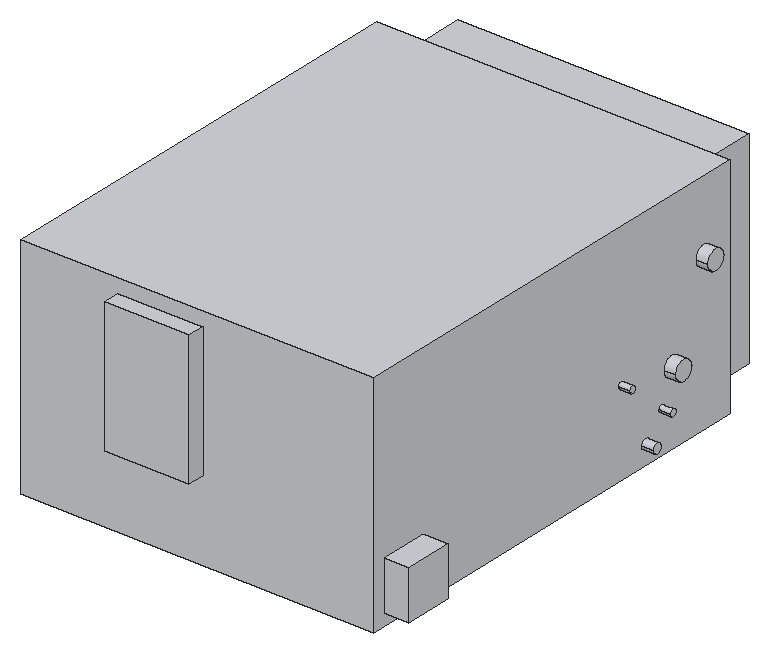
Revit family "M_Unidade de serpentina de ventilador - Horizontal - Correia - DX", category Equipamento mecânico, Revit 2019
Family settings
  Cota do conector redondo = Usar raio
  Tipo de parte = Normal
  Número OmniClass = 23.75.70.17.27
  Título OmniClass = Fan Coil Units
  ID de item do Seek = Fan Coil Unit - Horizontal - Belt Drive - DX-0000-CAN-ENU
  Com base no plano de trabalho = Não
  Sempre na vertical = Sim
  Corte com vazios quando carregada = Não
  Compartilhado = Não
  Ponto de cálculo do ambiente = Não
Parameters (values of type "282 LPS")
  Voltagem = 120 V
  Largura da unidade = 919.2 mm
  Comprimento da unidade = 728.7 mm
  Altura da unidade = 469.9 mm
  Capacidade de resfriamento total = 5714.89 W
  Largura do ar de fornecimento = 175 mm
  Altura do ar de fornecimento = 275 mm
  Capacidade de resfriamento perceptível = 4249.53 W
  Largura do ar de retorno = 600 mm
  Altura do ar de retorno = 425 mm
  Raio do retorno refrigerante = 20 mm
  Diâmetro do retorno refrigerante = Raio do retorno refrigerante * 2  # 40 mm
  Número de pólos = 1
  Fluxo de ar nominal [instance] = 283.17 L/s
  Classificação de carga = Refrigeração
  Queda de pressão da água do aquecimento [instance] = 77910.8 Pa
  Fluxo de água do aquecimento [instance] = 0.13 L/s
  Capacidade de aquecimento = 13745 W
  Pressão estática externa [instance] = 74.65 Pa
  Raio do fornecimento refrigerante = 20 mm
  Fluxo refrigerante [instance] = 0.19 L/s
  Diâmetro do fornecimento refrigerante = Raio do fornecimento refrigerante * 2  # 40 mm
  Fluxo da drenagem [instance] = 0.0 L/s
  Material CFU = none
  C6 Deslocamento 2 = 28.6 mm
  C6 Deslocamento 1 = 352.4 mm
  C4 Deslocamento 2 = 177.8 mm
  C4 Deslocamento 1 = 393.7 mm
  C3 Deslocamento 2 = 88.9 mm
  C3 Deslocamento 1 = 177.8 mm
  C2 Deslocamento 2 = 323.9 mm
  C1 Deslocamento 2 = 155.6 mm
  C1 Deslocamento 1 = 150.8 mm
  Carga aparente = 3413 VA
Types (9, lengths in mm): name | Voltagem | Largura da unidade | Comprimento da unidade | Altura da unidade | Capacidade de resfriamento total | Largura do ar de fornecimento | Altura do ar de fornecimento | Capacidade de resfriamento perceptível | Largura do ar de retorno | Altura do ar de retorno | Raio do retorno refrigerante | Diâmetro do retorno refrigerante | Número de pólos | Fluxo de ar nominal | Queda de pressão da água do aquecimento | Fluxo de água do aquecimento | Capacidade de aquecimento | Raio do fornecimento refrigerante | Fluxo refrigerante | Diâmetro do fornecimento refrigerante | C6 Deslocamento 2 | C6 Deslocamento 1 | C4 Deslocamento 2 | C4 Deslocamento 1 | C3 Deslocamento 2 | C3 Deslocamento 1 | C2 Deslocamento 2 | C1 Deslocamento 2 | Carga aparente
  (no name) | 120 V | 919.2 | 728.7 | 469.9 | 5714.89 W | 175 | 275 | 4249.53 W | 600 | 425 | 20 | 40 | 1 | 283.17 L/s | 77910.8 Pa | 0.13 L/s | 13745 W | 20 | 0.19 L/s | 40 | 28.6 | 352.4 | 177.8 | 393.7 | 88.9 | 177.8 | 323.9 | 155.6 | 3413 VA
  282 LPS | 120 V | 919.2 | 728.7 | 469.9 | 5714.89 W | 175 | 275 | 4249.53 W | 600 | 425 | 20 | 40 | 1 | 283.17 L/s | 77910.8 Pa | 0.13 L/s | 13745 W | 20 | 0.19 L/s | 40 | 28.6 | 352.4 | 177.8 | 393.7 | 88.9 | 177.8 | 323.9 | 155.6 | 3413 VA
  376 LPS | 120 V | 919.2 | 728.7 | 469.9 | 7297.47 W | 225 | 275 | 5451.12 W | 600 | 425 | 20 | 40 | 1 | 377.56 L/s | 138584.6 Pa | 0.13 L/s | 13745 W | 20 | 0.25 L/s | 40 | 28.6 | 352.4 | 177.8 | 393.7 | 88.9 | 177.8 | 323.9 | 155.6 | 3413 VA
  470 LPS | 120 V | 958.9 | 941.4 | 514.4 | 10140.3 W | 200 | 300 | 7297.47 W | 850 | 450 | 20 | 40 | 1 | 471.95 L/s | 246832.3 Pa | 0.13 L/s | 13745 W | 20 | 0.32 L/s | 40 | 28.6 | 352.4 | 177.8 | 435 | 130.2 | 177.8 | 365.1 | 196.9 | 3413 VA
  564 LPS | 120 V | 958.9 | 941.4 | 514.4 | 11664.2 W | 250 | 300 | 8469.75 W | 850 | 450 | 20 | 40 | 1 | 566.34 L/s | 355080.0 Pa | 0.19 L/s | 20075.4 W | 20 | 0.38 L/s | 40 | 28.6 | 352.4 | 177.8 | 435 | 130.2 | 177.8 | 365.1 | 196.9 | 5119.5 VA
  752 LPS | 120 V | 963.6 | 1195.4 | 514.4 | 15943.1 W | 350 | 325 | 11459.1 W | 1100 | 450 | 25 | 50 | 1 | 755.12 L/s | 298543.0 Pa | 0.19 L/s | 25702.3 W | 25 | 0.57 L/s | 50 | 28.6 | 427 | 177.8 | 304.8 | 269.9 | 244.5 | 396.9 | 196.9 | 8532.5 VA
  940 LPS | 120 V | 1025.5 | 1220.8 | 577.9 | 20104.7 W | 325 | 350 | 14331.2 W | 1100 | 550 | 25 | 50 | 1 | 943.89 L/s | 499869.9 Pa | 0.25 L/s | 30743.2 W | 25 | 0.69 L/s | 50 | 28.6 | 450.9 | 177.8 | 338.1 | 303.2 | 244.5 | 462 | 198.4 | 11945.5 VA
  1410 LPS | 120 V | 1025.5 | 1220.8 | 787.4 | 30127.7 W | 400 | 350 | 21570 W | 1100 | 750 | 40 | 80 | 1 | 1415.84 L/s | 317158.8 Pa | 0.38 L/s | 43726.2 W | 40 | 1.07 L/s | 80 | 155.6 | 408 | 203.2 | 417.5 | 357.2 | 244.5 | 668.3 | 150.8 | 20478 VA
  1880 LPS | 208 V | 1106.5 | 1576.4 | 787.4 | 43345.2 W | 425 | 400 | 30098.4 W | 1450 | 750 | 40 | 80 | 3 | 1887.79 L/s | 777039.1 Pa | 0.44 L/s | 53456.2 W | 40 | 1.58 L/s | 80 | 130.2 | 579.4 | 203.2 | 417.5 | 357.2 | 244.5 | 668.3 | 150.8 | 20478 VA
Reference planes
  plane 1 "Centro (Frente/Trás)": y = 0
  plane 2: z = 0
  plane 3 "Centro (Esquerda/Direita)": x = 0
  plane 4: x = 728.7
  plane 5: y = 919.2
  plane 6: x = 677.9
  plane 7: x = 77.9
  plane 8: y = 1030.325
  plane 9: y = -34.925
  plane 10: x = 376.3
  plane 11: x = 201.3
  plane 12: z = 469.9
  plane 13: z = 441.3
  plane 14: z = 166.3
  plane 15: x = 781.088
  plane 16: z = 25.4
  plane 17: z = 450.4
  plane 18: y = 700.125
  plane 19: z = 41.275
  plane 20: x = 754.1
  plane 21: y = 768.4
  plane 22: z = 155.6
  plane 23: y = 741.4
  plane 24: z = 88.9
  plane 25: y = 636.625
  plane 26: z = 177.8
  plane 27: y = 850.938
  plane 28: z = 323.9
  plane 29: y = 25.4
  plane 30: z = 127
  plane 31: y = 127
Forms (mm)
  Extrusion 1, solid, material <- "Material CFU"
    sketch origin (0, 0, 0) x (1, 0, 0) y (0, 1, 0)
      loop
        line (0, 919.2) -> (0, 0) -> (728.7, 0) -> (728.7, 919.2) -> (0, 919.2)
    from 0 to 469.9
  Extrusion 2, solid, material <- "Material CFU"
    sketch origin (0, 0, 0) x (1, 0, 0) y (0, 1, 0)
      loop
        line (77.9, 1030.325) -> (77.9, 919.2) -> (677.9, 919.2) -> (677.9, 1030.325) -> (77.9, 1030.325)
    from 25.4 to 450.4
  Extrusion 3, solid, material <- "Material CFU"
    sketch origin (0, 0, 0) x (1, 0, 0) y (0, 1, 0)
      loop
        line (201.3, 0) -> (201.3, -34.925) -> (376.3, -34.925) -> (376.3, 0) -> (201.3, 0)
    from 166.3 to 441.3
  Extrusion 4, solid, material <- "Material CFU"
    sketch origin (0, 0, 0) x (0, 1, 0) y (0, 0, 1)
      loop
        circle (700.125, 41.275) r 9.525
    from 728.7 to 754.1
  Extrusion 5, solid, material <- "Material CFU"
    sketch origin (0, 0, 0) x (0, 1, 0) y (0, 0, 1)
      loop
        circle (768.4, 155.6) r 20
    from 728.7 to 754.1
  Extrusion 6, solid, material <- "Material CFU"
    sketch origin (0, 0, 0) x (0, 1, 0) y (0, 0, 1)
      loop
        circle (741.4, 88.9) r 6.35
    from 728.7 to 754.1
  Extrusion 7, solid, material <- "Material CFU"
    sketch origin (0, 0, 0) x (0, 1, 0) y (0, 0, 1)
      loop
        circle (636.625, 177.8) r 6.35
    from 728.7 to 754.1
  Extrusion 8, solid, material <- "Material CFU"
    sketch origin (0, 0, 0) x (0, 1, 0) y (0, 0, 1)
      loop
        circle (850.938, 323.9) r 20
    from 728.7 to 754.1
  Extrusion 9, solid, material <- "Material CFU"
    sketch origin (0, 0, 0) x (0, 1, 0) y (0, 0, 1)
      loop
        line (25.4, 127) -> (25.4, 25.4) -> (127, 25.4) -> (127, 127) -> (25.4, 127)
    from 728.7 to 781.088
Cuts and joins
  joined: Extrusion 1, Extrusion 2, Extrusion 3, Extrusion 4, Extrusion 5, Extrusion 6, Extrusion 7, Extrusion 8, Extrusion 9
Dimensions and locks
  "Comprimento da unidade": plane 3 "Centro (Esquerda/Direita)" to plane 4
  "Largura da unidade": plane 5 to plane 1 "Centro (Frente/Trás)"
  locked: plane 6 to plane 4 at 50.8
  "Largura do ar de retorno": plane 7 to plane 6
  "C6 Deslocamento 1": plane 10 to plane 4
  "Largura do ar de fornecimento": plane 11 to plane 10
  "Altura da unidade": plane 12 to plane 2
  "C6 Deslocamento 2": plane 12 to plane 13
  "Altura do ar de fornecimento": plane 13 to plane 14
  locked: plane 4 to plane 15 at 52.388
  locked: plane 2 to plane 16 at 25.4
  "Altura do ar de retorno": plane 16 to plane 17
  locked: plane 9 to plane 1 "Centro (Frente/Trás)" at 34.925
  locked: plane 8 to plane 5 at 111.125
  locked: plane 4 to plane 20 at 25.4
  locked: plane 19 to plane 2 at 41.275
  locked: plane 18 to plane 5 at 219.075
  "C1 Deslocamento 1": plane 21 to plane 5
  "C1 Deslocamento 2": plane 22 to plane 2
  "C3 Deslocamento 1": plane 23 to plane 5
  "C3 Deslocamento 2": plane 24 to plane 2
  "C4 Deslocamento 1": plane 25 to plane 8
  "C4 Deslocamento 2": plane 26 to plane 2
  locked: plane 27 to plane 5 at 68.262
  "C2 Deslocamento 2": plane 28 to plane 2
  locked: plane 1 "Centro (Frente/Trás)" to plane 29 at 25.4
  locked: plane 30 to plane 16 at 101.6
  locked: plane 29 to plane 31 at 101.6
  "Raio do fornecimento refrigerante": radius of Extrusion 5 sketch curve
  radius of Extrusion 4 sketch curve = 9.525 mm
  radius of Extrusion 7 sketch curve = 6.35 mm
  "Raio do fornecimento refrigerante": radius of Extrusion 8 sketch curve
  aligned and locked: plane 3 "Centro (Esquerda/Direita)" to Extrusion 1 sketch curve
  aligned and locked: Extrusion 1 sketch curve to plane 4
  aligned and locked: Extrusion 1 sketch curve to plane 1 "Centro (Frente/Trás)"
  aligned and locked: Extrusion 1 sketch curve to plane 5
  aligned and locked: Extrusion 2 sketch curve to plane 8
  aligned and locked: plane 7 to Extrusion 2 sketch curve
  aligned and locked: plane 5 to Extrusion 2 sketch curve
  aligned and locked: Extrusion 2 sketch curve to plane 6
  aligned and locked: plane 11 to Extrusion 3 sketch curve
  aligned and locked: Extrusion 3 sketch curve to plane 10
  aligned and locked: plane 9 to Extrusion 3 sketch curve
  aligned and locked: plane 1 "Centro (Frente/Trás)" to Extrusion 3 sketch curve
  aligned and locked: plane 12 to Extrusion 1
  aligned and locked: Extrusion 1 to plane 2
  aligned and locked: plane 13 to Extrusion 3
  aligned and locked: Extrusion 3 to plane 14
  aligned and locked: Extrusion 2 to plane 17
  aligned and locked: Extrusion 2 to plane 16
  aligned and locked: plane 19 to Extrusion 4 sketch curve
  aligned and locked: plane 18 to Extrusion 4 sketch curve
  aligned and locked: plane 20 to Extrusion 4
  aligned and locked: Extrusion 4 to plane 4
  aligned and locked: plane 22 to Extrusion 5 sketch curve
  aligned and locked: plane 21 to Extrusion 5 sketch curve
  aligned and locked: Extrusion 5 to plane 4
  aligned and locked: plane 24 to Extrusion 6 sketch curve
  aligned and locked: Extrusion 6 sketch curve to plane 23
  aligned and locked: plane 25 to Extrusion 7 sketch curve
  aligned and locked: plane 26 to Extrusion 7 sketch curve
  aligned and locked: plane 20 to Extrusion 5
  aligned and locked: plane 20 to Extrusion 6
  aligned and locked: Extrusion 6 to plane 4
  aligned and locked: plane 4 to Extrusion 7
  aligned and locked: plane 20 to Extrusion 7
  aligned and locked: plane 27 to Extrusion 8 sketch curve
  aligned and locked: plane 20 to Extrusion 8
  aligned and locked: Extrusion 8 to plane 4
  aligned and locked: Extrusion 9 sketch curve to plane 30
  aligned and locked: plane 29 to Extrusion 9 sketch curve
  aligned and locked: Extrusion 9 sketch curve to plane 31
  aligned and locked: plane 16 to Extrusion 9 sketch curve
  aligned and locked: plane 4 to Extrusion 9
  aligned and locked: plane 15 to Extrusion 9
  aligned and locked: plane 28 to Extrusion 8 sketch curve
Automatic sketch dimensions
  radius of Extrusion 6 sketch curve = 6.35 mm
Connectors
  piping at (754.1, 768.4, 155.6), diameter 40, driven by "Fluxo refrigerante", driven by "Raio do fornecimento refrigerante"
    settings: on Extrusion 5, index 1, connector inside diameter 40 mm, connector length 0 mm, flow factor 0, pipe flow 0.19 L/s, pressure drop 0.0 Pa, fitting loss kfactor 0, connector angle 0.00°, fixture units 0, engagement length 0 mm, angle of deflection 0.00°, flow configuration 1, flow direction 1, fitting loss method 0, system type 22, joint type 0, gender type 0, connector reference index 2, connector utility 0, adjustable connector no, is connector primary yes, connector description "Refrigerante, entrada"
  piping at (754.1, 850.938, 323.9), diameter 40, driven by "Fluxo refrigerante", driven by "Raio do retorno refrigerante"
    settings: on Extrusion 8, index 2, connector inside diameter 40 mm, connector length 0 mm, flow factor 0, pipe flow 0.19 L/s, pressure drop 0.0 Pa, fitting loss kfactor 0, connector angle 0.00°, fixture units 0, engagement length 0 mm, angle of deflection 0.00°, flow configuration 1, flow direction 2, fitting loss method 0, system type 22, joint type 0, gender type 0, connector reference index 1, connector utility 0, adjustable connector no, is connector primary no, connector description "Refrigerante, saída"
  piping at (754.1, 741.4, 88.9), diameter 12.7, driven by "Fluxo de água do aquecimento", driven by "Queda de pressão da água do aquecimento"
    settings: on Extrusion 6, index 3, connector inside diameter 12.7 mm, connector length 0 mm, flow factor 0, pipe flow 0.13 L/s, pressure drop 77910.8 Pa, fitting loss kfactor 0, connector angle 0.00°, fixture units 0, engagement length 0 mm, angle of deflection 0.00°, flow configuration 1, flow direction 1, fitting loss method 4, system type 7, joint type 0, gender type 0, connector reference index 4, connector utility 0, adjustable connector no, is connector primary no, connector description "Água do aquecimento,Entrada"
  piping at (754.1, 636.625, 177.8), diameter 12.7, driven by "Fluxo de água do aquecimento", driven by "Queda de pressão da água do aquecimento"
    settings: on Extrusion 7, index 4, connector inside diameter 12.7 mm, connector length 0 mm, flow factor 0, pipe flow 0.13 L/s, pressure drop 77910.8 Pa, fitting loss kfactor 0, connector angle 0.00°, fixture units 0, engagement length 0 mm, angle of deflection 0.00°, flow configuration 1, flow direction 2, fitting loss method 4, system type 8, joint type 0, gender type 0, connector reference index 3, connector utility 0, adjustable connector no, is connector primary no, connector description "Água do aquecimento,Saída"
  piping at (754.1, 700.125, 41.275), diameter 19.05, driven by "Fluxo da drenagem"
    settings: on Extrusion 4, index 5, connector inside diameter 19.05 mm, connector length 0 mm, flow factor 0, pipe flow 0.0 L/s, pressure drop 0.0 Pa, fitting loss kfactor 0, connector angle 0.00°, fixture units 0, engagement length 0 mm, angle of deflection 0.00°, flow configuration 1, flow direction 2, fitting loss method 0, system type 16, joint type 0, gender type 0, connector reference index -1, connector utility 0, adjustable connector yes, is connector primary no, connector description "Drenagem,Saída"
  hvac at (288.8, -34.925, 303.8), driven by "Fluxo de ar nominal", driven by "Altura do ar de fornecimento", driven by "Largura do ar de fornecimento"
    settings: on Extrusion 3, index 6, duct flow 283.17 L/s, flow factor 0, pres drop 0.0 Pa, loss coef 0, conn angle 0.00°, conn width 175 mm, conn height 275 mm, conn diameter 609.6 mm, duct sys type 1, conn prof type 1, flow config 0, flow direction 2, loss method 0, conn ref index 7, conn util no, is conn primary yes, conn desc ""
  hvac at (377.9, 1030.325, 237.9), driven by "Altura do ar de retorno", driven by "Largura do ar de retorno", driven by "Fluxo de ar nominal"
    settings: on Extrusion 2, index 7, duct flow 283.17 L/s, flow factor 0, pres drop 0.0 Pa, loss coef 0, conn angle 0.00°, conn width 600 mm, conn height 425 mm, conn diameter 609.6 mm, duct sys type 2, conn prof type 1, flow config 0, flow direction 1, loss method 0, conn ref index 6, conn util no, is conn primary no, conn desc ""
  electrical at (781.088, 76.2, 76.2), driven by "Carga aparente", driven by "Voltagem", driven by "Número de pólos", driven by "Classificação de carga"
    settings: on Extrusion 9, index 8, voltage 120 V, apparent load 3413 VA, apparent load phase1 0 VA, apparent load phase2 0 VA, apparent load phase3 0 VA, power factor 0.8, load classification "Refrigeração", number of poles 1, system type 30, power factor state 1, is connector primary yes, connector utility no, sub classification motor no, connector description ""
